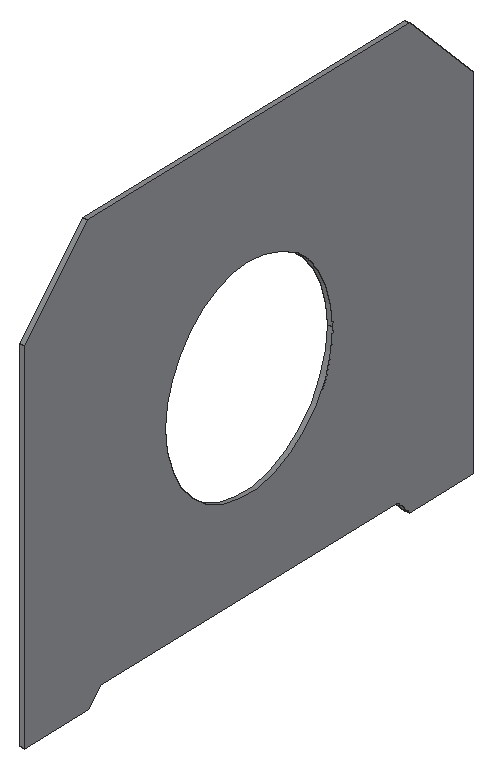
Revit family "X-Connection-Bracket-Steel & Tube-Speed Channel", category Structural Connections, host Face, Revit 2017
Family settings
  Host = Face
  Material for Model Behavior = Steel
  OmniClass Number = 23.25.05.17.11
  OmniClass Title = Column Bases
  Enable cutting in views = Yes
  Cut with Voids When Loaded = No
  Shared = Yes
Parameters (values of type "Standard")
  Width_ANZRS [instance] = if(Fastbrace, 84 mm, 65 mm)  # 84 mm
  WeightNet_ANZRS [instance] = if(Fastbrace, if(Beam Size = 152 mm, 0.163 kg, if(Beam Size = 203 mm, 0.221 kg, if(Beam Size = 250 mm, 0.279 kg, if(Beam Size = 300 mm, 0.337 kg, 0.00 kg)))), if(Beam Size = 152 mm, 0.186 kg, if(Beam Size = 203 mm, 0.244 kg, if(Beam Size = 250 mm, 0.305 kg, if(Beam Size = 300 mm, 0.362 kg, if(Beam Size = 350 mm, 0.417 kg, 0.476 kg))))))  # 0.163 kg
  Uniclass2015Version = "2015"  # constant formula
  Uniclass2015Title = "Cold-formed galvanized steel sections"  # constant formula
  Uniclass2015Code = "Pr_20_76_51_21"  # constant formula
  URL = "http://www.steelandtube.co.nz"
  Type Comments = "HST Steel Purlin Standard Cleat"  # constant formula
  Speedbrace End Identification [instance] = if(and(Adjustable, Fastbrace), "Type B", if(and(Adjustable, Standard), "Type C", if(and(not(Adjustable), Fastbrace), "Type A", "Type D")))  # "Type A"
  SpecificationReference = "3411ST"  # constant formula
  SpecificationDescription = "Steel & Tube Purlins & Girts"  # constant formula
  PlateThickness_ANZRS = 1 mm  # constant formula
  ModifiedIssue_ANZRS = 20160602.01  # constant formula
  Model = ""
  Material_ANZRS [instance] = Metal-Steel-450MPa
  Material Standard = "Steel & Tube’s HST purlins and Girts profiles are manufactured from materials conforming to AS1397:2011"  # constant formula
  ManufacturerURL = "http://www.steelandtube.co.nz"
  ManufacturerName = Manufacturer  # "Steel & Tube"
  Manufacturer = "Steel & Tube"  # constant formula
  Length_ANZRS [instance] = 10 mm  # constant formula
  Standard [instance] = not(Fastbrace)  # no
  Height_ANZRS [instance] = if(Fastbrace, if(Beam Size = 152 mm, 107 mm, if(Beam Size = 203 mm, 147 mm, if(Beam Size = 250 mm, 187 mm, if(Beam Size = 300 mm, 225 mm, 400 mm)))), if(Beam Size = 152 mm, 124 mm, if(Beam Size = 203 mm, 165 mm, if(Beam Size = 250 mm, 208 mm, if(Beam Size = 300 mm, 245 mm, if(Beam Size = 350 mm, 284 mm, 328 mm))))))  # 107 mm
  Fixed Offset [instance] = if(Adjustable, 100 mm, 0 mm)  # 0 mm
  Fixed Cut [instance] = if(Adjustable, 5 mm, 20 mm)  # 20 mm
  Fastbrace [instance] = yes
  Disclaimer [instance] = "Steel & Tube makes no representations or warranties about the information in this document, including (but not limited to) whether the information, and any materials referred to, are fit for purpose. The user is responsible for ensuring that the information, and any materials referred to, are fit for the purpose for which they are intended to be used. Except as required by law, Steel & Tube is not liable for any cost, loss, claim or expense incurred by any person as a result of any person using or relying on the information in this document."  # constant formula
  Design Standard = "Steel & Tube’s HST purlins and Girts profiles are designed in accordance with AS/NZS 4600:2005."  # constant formula
  Design Instruction = "All the design information should be cross referenced with the current Steel & Tube Purlins and Girts design guide, and AS/NZS 4600:2005"  # constant formula
  Description = "HST Steel Purlins and Girts are high strength lipped profile sections, providing an economic solution for your building project."  # constant formula
  Default Elevation = 0 mm
  CreatedBy_ANZRS = "Design Content"  # constant formula
  CreatedByURL_ANZRS = "http://www.designcontent.com.au"
  CBIDescription = "Structural steelwork"  # constant formula
  CBICode = "3411"  # constant formula
  Beam Size [instance] = 152 mm
  Assembly Code = "B1020230"
  Adjustable Offset [instance] = if(Adjustable, 0 mm, 100 mm)  # 100 mm
  Adjustable Cut [instance] = if(Adjustable, 20 mm, 5 mm)  # 5 mm
  Adjustable [instance] = no
Reference planes
  plane 1 "Center (Front/Back)": y = 0
  plane 2: z = 0
  plane 3 "Center (Left/Right)": x = 0
  plane 4 "Back": y = 53.5
  plane 5 "Front": y = -53.5
  plane 6 "Left": x = -5
  plane 7 "Right": x = 5
  plane 8 "Top": z = 84
  plane 9: x = -4
  plane 10: y = 35
  plane 11: y = -35
  plane 12: z = 40
  plane 13: z = 60
  plane 14: z = 20
  plane 15 "Adjustable Hook": x = -105
  plane 16 "Fixed": x = -5
Forms (mm)
  Extrusion 1, solid, material "Metal-Steel-450MPa" <- "Material_ANZRS", detail levels medium
    sketch origin (0, 0, 0) x (0, 1, 0) y (0, 0, 1)
      loop
        line (53.5, 0) -> (53.5, 69) -> (38.5, 84) -> (-38.5, 84) -> (-53.5, 69) -> (-53.5, 0) -> (-38.5, 0) -> (-35.5, 3) -> (35.5, 3) -> (38.5, 0) -> (53.5, 0)
    from -5 to -4
  Extrusion 2, solid, material "Metal-Steel-450MPa" <- "Material_ANZRS", detail levels fine
    sketch origin (0, 0, 0) x (0, 1, 0) y (0, 0, 1)
      loop
        line (53.5, 0) -> (53.5, 69) -> (38.5, 84) -> (-38.5, 84) -> (-53.5, 69) -> (-53.5, 0) -> (-38.5, 0) -> (-35.5, 3) -> (35.5, 3) -> (38.5, 0) -> (53.5, 0)
    from -5 to -4
  Extrusion 3, void
    sketch origin (-5, 1524, 1219.2) x (0, 1, 0) y (0, 0, 1)
      loop
        circle (-1524, -1179.2) r 20
    from 0 to 20 <- "Fixed Cut"
  Extrusion 4, void
    sketch origin (-105, 1524, 1219.2) x (0, 1, 0) y (0, 0, 1)
      loop
        line (-1483, -1193.2) -> (-1483, -1165.2)
        arc (-1483, -1165.2) -> (-1489, -1159.2) -> (-1495, -1165.2) r 6
        line (-1495, -1165.2) -> (-1495, -1193.2)
        arc (-1495, -1193.2) -> (-1489, -1199.2) -> (-1483, -1193.2) r 6
      loop
        arc (-1565, -1193.2) -> (-1559, -1199.2) -> (-1553, -1193.2) r 6
        line (-1553, -1193.2) -> (-1553, -1165.2)
        arc (-1553, -1165.2) -> (-1559, -1159.2) -> (-1565, -1165.2) r 6
        line (-1565, -1165.2) -> (-1565, -1193.2)
    from 0 to 5 <- "Adjustable Cut"
Cuts and joins
  Extrusion 3, Extrusion 4 cuts Extrusion 2
Dimensions and locks
  equal spacing: plane 5 "Front", plane 1 "Center (Front/Back)", plane 4 "Back"
  "Height_ANZRS": plane 5 "Front" to plane 4 "Back"
  equal spacing: plane 6 "Left", plane 3 "Center (Left/Right)", plane 7 "Right"
  "Length_ANZRS": plane 6 "Left" to plane 7 "Right"
  "Width_ANZRS": plane 8 "Top" to plane 2
  locked: plane 6 "Left" to plane 9 at 1
  plane 11 to plane 1 "Center (Front/Back)" to plane 10 = 35 mm locked, 35 mm locked
  equal spacing: plane 13, plane 12, plane 14
  locked: plane 13 to plane 14 at 40
  locked: plane 12 to plane 2 at 40
  plane 4 "Back" to Extrusion 1 sketch curve to Extrusion 1 sketch curve = 15 mm locked, 3 mm locked
  Extrusion 1 sketch curve to Extrusion 1 sketch curve to plane 5 "Front" = 3 mm locked, 15 mm locked
  locked: plane 8 "Top" to Extrusion 1 sketch curve at 15  (x2)
  locked: plane 4 "Back" to Extrusion 1 sketch curve at 15
  locked: Extrusion 1 sketch curve to plane 5 "Front" at 15
  locked: Extrusion 1 sketch curve to plane 2 at 3
  plane 4 "Back" to Extrusion 2 sketch curve to Extrusion 2 sketch curve = 15 mm locked, 3 mm locked
  Extrusion 2 sketch curve to Extrusion 2 sketch curve to plane 5 "Front" = 3 mm locked, 15 mm locked
  locked: Extrusion 2 sketch curve to plane 2 at 3
  locked: plane 4 "Back" to Extrusion 2 sketch curve at 15
  locked: Extrusion 2 sketch curve to plane 5 "Front" at 15
  locked: plane 8 "Top" to Extrusion 2 sketch curve at 15  (x2)
  locked: plane 13 to Extrusion 3 sketch curve at 0
  locked: plane 14 to Extrusion 3 sketch curve at 0
  Extrusion 4 sketch curve to plane 10 to Extrusion 4 sketch curve = 6 mm locked, 6 mm locked
  Extrusion 4 sketch curve to plane 11 to Extrusion 4 sketch curve = 6 mm locked, 6 mm locked
  plane 13 to Extrusion 4 sketch curve to Extrusion 4 sketch curve = 0 mm locked, 0 mm locked
  plane 14 to Extrusion 4 sketch curve to Extrusion 4 sketch curve = 0 mm locked, 0 mm locked
  "Fixed Offset": plane 6 "Left" to plane 16 "Fixed"
  "Adjustable Offset": plane 6 "Left" to plane 15 "Adjustable Hook"
  aligned and locked: plane 2 to host face
  aligned and locked: level to host face
  aligned and locked: plane 4 "Back" to Extrusion 1 sketch curve
  aligned and locked: Extrusion 1 sketch curve to plane 8 "Top"
  aligned and locked: Extrusion 1 sketch curve to plane 5 "Front"
  aligned and locked: plane 2 to Extrusion 1 sketch curve  (x2)
  aligned and locked: Extrusion 1 to plane 6 "Left"
  aligned and locked: plane 9 to Extrusion 1
  aligned and locked: plane 4 "Back" to Extrusion 2 sketch curve
  aligned and locked: Extrusion 2 sketch curve to plane 8 "Top"
  aligned and locked: Extrusion 2 sketch curve to plane 5 "Front"
  aligned and locked: plane 2 to Extrusion 2 sketch curve  (x2)
  aligned and locked: Extrusion 2 to plane 6 "Left"
  aligned and locked: plane 9 to Extrusion 2
  aligned and locked: plane 1 "Center (Front/Back)" to Extrusion 3 sketch curve
  aligned and locked: plane 10 to Extrusion 4 sketch curve  (x2)
  aligned and locked: plane 11 to Extrusion 4 sketch curve  (x2)
  aligned and locked: Extrusion 3 to plane 16 "Fixed"
  aligned and locked: Extrusion 4 to plane 15 "Adjustable Hook"
Automatic sketch dimensions
  host sketch curve to host sketch curve = 2438.4 mm  (x2)
